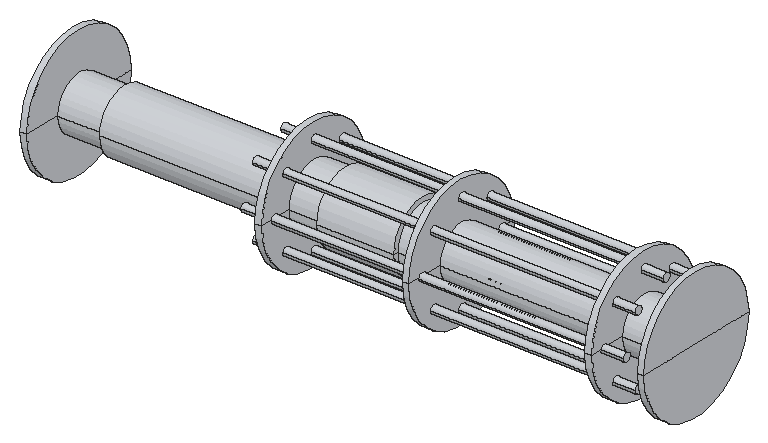
Revit family "51d4c4302403426fbff637e53f6eb306", category Pipe Fittings, Revit 2021
Family settings
  Round Connector Dimension = Use Radius
  Part Type = Union
  OmniClass Number = 23.60.30.11.14.14
  OmniClass Title = Pipe Expansion Compensators
  Work Plane-Based = No
  Always vertical = Yes
  Cut with Voids When Loaded = No
  Shared = No
Parameters (values of type "Standard")
  Wall Thickness [instance] = 0.3000"
  Tick Size 2 [instance] = Flange Diameter * 0.4  # 3.3920"
  Tick Size 1 [instance] = Fitting Outside Diameter * 0.4  # 1.4000"
  Slip Pipe Withdrawal [instance] = (Project Max Operating Temperature - Project Installation Temperature) / (Project Max Operating Temperature - Project Min Operating Temperature) * Axial Movement  # 1.74366"
  Project Temperature Change [instance] = 150 °F
  Project Pipe Length [instance] = 600.0000"
  Packing Ring Thickness [instance] = size_lookup(Lookup Table Name Ring, "FThk", 0.02 * Nominal Diameter + 0.3500", Nominal Diameter)  # 0.4100"
  Packing Ring Radius [instance] = Packing Ring Diameter / 2  # 4.2400"
  Packing Ring Diameter [instance] = size_lookup(Lookup Table Name Ring, "FDia", 1.13 * Nominal Diameter + 5.0900", Nominal Diameter)  # 8.4800"
  Packing Chamber Length Label [instance] = if(Packing Chamber Length > Length 5 - (2 * Body Ring Thickness) - 0.5000", Length 5 - 2 * Body Ring Thickness - 0.5000", Packing Chamber Length)  # 5.0000"
  Packing Chamber Length = 5.0000"
  Nominal Radius [instance] = 1.5000"
  Nominal Diameter [instance] = Nominal Radius * 2  # 3.0000"
  Project Min Operating Temperature [instance] = -30 °F
  Project Max Operating Temperature [instance] = 120 °F
  Loss Method = Not Defined
  Lookup Table Name Ring = "Flange - Ring - Steel - Class 86"
  Lookup Table Name Flange = "Flange - Ring - Steel - Class 300"
  Lookup Table Name = "Expansion Joint Slip-Type Single End with Limit Rods - BV - Steel"
  Limit Ring Thickness [instance] = size_lookup(Lookup Table Name Ring, "FThk", 0.02 * Nominal Diameter + 0.3500", Nominal Diameter)  # 0.4100"
  Limit Ring Radius [instance] = Limit Ring Diameter / 2  # 4.2400"
  Limit Ring Diameter [instance] = size_lookup(Lookup Table Name Ring, "FDia", 1.13 * Nominal Diameter + 5.0900", Nominal Diameter)  # 8.4800"
  Length 4 [instance] = Open Length / 2  # 20.2500"
  Length 3 [instance] = cos(45.00°) * Length 1  # 2.29103"
  Length 2 [instance] = 3.0000"
  Length 1 [instance] = Body Ring Radius - 1.0000"  # 3.2400"
  Length [instance] = if(Open, Open Length, Open Length - Slip Pipe Withdrawal)  # 40.5000"
  Project Installation Temperature [instance] = 10 °F
  Flange Thickness [instance] = size_lookup(Lookup Table Name Flange, "FThk", 0.02 * Nominal Diameter + 0.3500", Nominal Diameter)  # 0.4100"
  Flange Radius [instance] = Flange Diameter / 2  # 4.2400"
  Flange Diameter [instance] = size_lookup(Lookup Table Name Flange, "FDia", 1.13 * Nominal Diameter + 5.0900", Nominal Diameter)  # 8.4800"
  Fitting Outside Radius [instance] = Fitting Outside Diameter / 2  # 1.7500"
  Fitting Outside Diameter [instance] = size_lookup(Lookup Table Name, "FOD", Nominal Diameter, Nominal Diameter)  # 3.5000"
  Open [instance] = yes
  Open Length [instance] = 40.5000"
  Default Elevation = 0.0000"
  Closed [instance] = not(Open)  # no
  Length 5 [instance] = 10.0000"
  Body Ring Thickness [instance] = size_lookup(Lookup Table Name Ring, "FThk", 0.02 * Nominal Diameter + 0.3500", Nominal Diameter)  # 0.4100"
  Body Ring Radius [instance] = Body Ring Diameter / 2  # 4.2400"
  Body Ring Diameter [instance] = size_lookup(Lookup Table Name Ring, "FDia", 1.13 * Nominal Diameter + 5.0900", Nominal Diameter)  # 8.4800"
  Axial Movement [instance] = 0.0000117 1/K * Project Pipe Length * (Project Temperature Change - -459.67 °F)  # 2.37771"
Reference planes (in)
  plane 1 "Center (Front/Back)": y = 0
  plane 2: z = 0
  plane 3 "Center (Left/Right)": x = 0
  plane 4: x = -20.25
  plane 5: x = 20.25
  plane 6: x = -16.84
  plane 7: x = -5
  plane 8: x = 5
  plane 9: y = 3.24
  plane 10: y = -3.24
  plane 11: y = 1.75
  plane 12: y = 2.05
  plane 13: y = 2.35
  plane 14: x = 4.59
  plane 15: x = -4.59
  plane 16: x = -2.5
  plane 17: x = 2.5
  plane 18 "body flange": y = 4.24
  plane 19: z = 3.24
  plane 20: z = -3.24
  plane 21: x = -6.5
  plane 22: x = 6.5
  plane 23: z = 2.29103
  plane 24: z = -2.29103
  plane 25: y = -2.29103
  plane 26: y = 2.29103
  plane 27: x = 16.84
  plane 28: x = 16.43
  plane 29: x = 3.09
  plane 30: x = 18.34
  plane 31 "packing ring": y = 4.24
  plane 32 "limit ring": y = 4.24
  plane 33: x = -19.84
  plane 34 "flange": y = 4.24
  plane 35: x = 19.84
Forms (in)
  Revolve 1, solid, detail levels fine
    sketch origin (0, 0, 0) x (1, 0, 0) y (0, 1, 0)
      loop
        line (-20.25, 0) -> (20.25, 0) -> (20.25, 4.24) -> (19.84, 4.24) -> (19.84, 1.75) -> (16.84, 1.75) -> (16.84, 4.24) -> (16.43, 4.24) -> (16.43, 1.75) -> (5, 1.75) -> (5, 4.24) -> (4.59, 4.24) -> (4.59, 2.05) -> (2.5, 2.05) -> (2.5, 2.35) -> (-2.5, 2.35) -> (-2.5, 2.05) -> (-4.59, 2.05) -> (-4.59, 4.24) -> (-5, 4.24) -> (-5, 2.05) -> (-16.84, 2.05) -> (-16.84, 1.75) -> (-19.84, 1.75) -> (-19.84, 4.24) -> (-20.25, 4.24) -> (-20.25, 0)
      axis (-20.25, 0) -> (20.25, 0)
    angle from 0 to 360
  Extrusion 2, solid, detail levels fine
    sketch origin (0, 0, 0) x (0, 1, 0) y (0, 0, 1)
      loop
        circle (-2.29103, 2.29103) r 0.25
      loop
        circle (-2.29103, -2.29103) r 0.25
      loop
        circle (2.29103, 2.29103) r 0.25
      loop
        circle (2.29103, -2.29103) r 0.25
      loop
        circle (0, -3.24) r 0.25
      loop
        circle (3.24, 0) r 0.25
      loop
        circle (-3.24, 0) r 0.25
      loop
        circle (0, 3.24) r 0.25
    from -6.5 to 18.34
Cuts and joins
  joined: Revolve 1, Extrusion 2
Lines and regions (in)
  model lines, detail levels coarse+medium
    curve 1: line (-20.25, 3.392, 0) -> (-20.25, -3.392, 0)
    curve 2: line (20.25, 3.392, 0) -> (20.25, -3.392, 0)
    curve 4: line (16.84, 0, 0) -> (20.25, 0, 0)
    curve 5: line (-20.25, 1.4, 0) -> (20.25, 1.4, 0)
    curve 6: line (20.25, -1.4, 0) -> (-20.25, -1.4, 0)
  model lines, style "PipeFitting", detail levels coarse+medium
    curve 3: line (-20.25, 0, 0) -> (-16.84, 0, 0)
Dimensions and locks (in)
  "Length": plane 4 to plane 5
  "Length 2": plane 33 to plane 6
  equal spacing: plane 7, plane 3 "Center (Left/Right)", plane 8
  "Length 5": plane 7 to plane 8
  "Length 1": plane 10 to plane 1 "Center (Front/Back)"
  "Length 1": plane 9 to plane 1 "Center (Front/Back)"
  "Fitting Outside Radius": plane 11 to plane 1 "Center (Front/Back)"
  "Wall Thickness": plane 12 to plane 11
  "Wall Thickness": plane 13 to plane 12
  "Body Ring Thickness": plane 7 to plane 15
  "Packing Ring Thickness": plane 14 to plane 8
  equal spacing: plane 16, plane 3 "Center (Left/Right)", plane 17
  "Packing Chamber Length Label": plane 16 to plane 17
  "Length 1": plane 2 to plane 20
  "Length 1": plane 19 to plane 2
  "Body Ring Radius": plane 18 "body flange" to plane 1 "Center (Front/Back)"
  locked: plane 21 to plane 7 at 1.5
  locked: plane 8 to plane 22 at 1.5
  "Length 4": plane 4 to plane 3 "Center (Left/Right)"
  "Tick Size 2": plane 1 "Center (Front/Back)" to curve 1
  "Tick Size 2": curve 1 to plane 1 "Center (Front/Back)"
  "Tick Size 2": plane 1 "Center (Front/Back)" to curve 2
  "Tick Size 2": curve 2 to plane 1 "Center (Front/Back)"
  "Length 3": plane 23 to plane 2
  "Length 3": plane 24 to plane 2
  "Length 3": plane 1 "Center (Front/Back)" to plane 26
  "Length 3": plane 25 to plane 1 "Center (Front/Back)"
  "Length 2": plane 27 to plane 35
  "Limit Ring Thickness": plane 28 to plane 27
  locked: plane 29 to plane 14 at 1.5
  locked: plane 27 to plane 30 at 1.5
  "Packing Ring Radius": plane 31 "packing ring" to plane 1 "Center (Front/Back)"
  "Limit Ring Radius": plane 32 "limit ring" to plane 1 "Center (Front/Back)"
  "Flange Thickness": plane 4 to plane 33
  "Flange Radius": plane 34 "flange" to plane 1 "Center (Front/Back)"
  "Flange Thickness": plane 35 to plane 5
  "Tick Size 1": plane 1 "Center (Front/Back)" to curve 5
  "Tick Size 1": plane 1 "Center (Front/Back)" to curve 6
  radius of Extrusion 2 sketch curve = 0.2500"
  aligned and locked: plane 2 to level
  aligned and locked: plane 1 "Center (Front/Back)" to Revolve 1 sketch curve
  aligned and locked: plane 4 to Revolve 1 sketch curve
  aligned and locked: plane 6 to Revolve 1 sketch curve
  aligned and locked: Revolve 1 sketch curve to plane 12  (x3)
  aligned and locked: plane 7 to Revolve 1 sketch curve
  aligned and locked: Revolve 1 sketch curve to plane 18 "body flange"
  aligned and locked: Revolve 1 sketch curve to plane 15
  aligned and locked: plane 16 to Revolve 1 sketch curve
  aligned and locked: Revolve 1 sketch curve to plane 13
  aligned and locked: plane 17 to Revolve 1 sketch curve
  aligned and locked: Revolve 1 sketch curve to plane 14
  aligned and locked: plane 8 to Revolve 1 sketch curve
  aligned and locked: plane 5 to Revolve 1 sketch curve
  aligned and locked: Revolve 1 sketch curve to Revolve 1 sketch curve
  aligned and locked: plane 5 to curve 2
  aligned and locked: curve 1 to plane 4
  aligned and locked: plane 1 "Center (Front/Back)" to curve 3
  aligned and locked: plane 25 to Extrusion 2 sketch curve  (x2)
  aligned and locked: plane 23 to Extrusion 2 sketch curve  (x2)
  aligned and locked: plane 24 to Extrusion 2 sketch curve  (x2)
  aligned and locked: plane 26 to Extrusion 2 sketch curve  (x2)
  aligned and locked: Extrusion 2 to plane 30
  aligned and locked: Revolve 1 sketch curve to plane 28
  aligned and locked: plane 27 to Revolve 1 sketch curve
  aligned and locked: Revolve 1 sketch curve to plane 11  (x3)
  aligned and locked: Revolve 1 sketch curve to plane 31 "packing ring"
  aligned and locked: Revolve 1 sketch curve to plane 32 "limit ring"
  aligned and locked: plane 6 to curve 3
  aligned and locked: plane 27 to curve 4
  aligned and locked: Revolve 1 sketch curve to plane 34 "flange"  (x2)
  aligned and locked: Revolve 1 sketch curve to plane 33
  aligned and locked: plane 35 to Revolve 1 sketch curve
  aligned and locked: plane 4 to curve 5
  aligned and locked: plane 5 to curve 5
  aligned and locked: Extrusion 2 to plane 21
Automatic sketch dimensions
  Extrusion 2 sketch curve to level = 0.0000"  (x2)
  Extrusion 2 sketch curve to plane 10 = 0.0000"
  Extrusion 2 sketch curve to plane 1 "Center (Front/Back)" = 0.0000"  (x2)
  Extrusion 2 sketch curve to plane 9 = 0.0000"
  Extrusion 2 sketch curve to plane 20 = 0.0000"
  Extrusion 2 sketch curve to plane 19 = 0.0000"
  plane 1 "Center (Front/Back)" to curve 4 = 0.0000"
  Revolve 1 sketch curve to plane 4 = 7.7500"
  Revolve 1 sketch curve to plane 5 = 24.0000"
  radius of Extrusion 2 sketch curve = 0.2500"  (x7)
Connectors (in)
  piping at (-20.25, 0, 0), diameter 3, driven by "Nominal Radius"
    settings: on Revolve 1, index 1, connector inside diameter 3.0000", connector length 0.0000", flow factor 0, pipe flow 0 GPM, pressure drop 0.00 psi, fitting loss kfactor 0, connector angle 0.00°, fixture units 0, engagement length 0.0000", angle of deflection 0.00°, flow configuration 0, flow direction 0, fitting loss method 0, system type 28, joint type 0, gender type 0, connector reference index 2, connector utility 0, adjustable connector no, is connector primary yes, connector description ""
  piping at (20.25, 0, 0), diameter 3, driven by "Nominal Radius"
    settings: on Revolve 1, index 2, connector inside diameter 3.0000", connector length 0.0000", flow factor 0, pipe flow 0 GPM, pressure drop 0.00 psi, fitting loss kfactor 0, connector angle 0.00°, fixture units 0, engagement length 0.0000", angle of deflection 0.00°, flow configuration 0, flow direction 0, fitting loss method 0, system type 28, joint type 0, gender type 0, connector reference index 1, connector utility 0, adjustable connector no, is connector primary no, connector description ""
